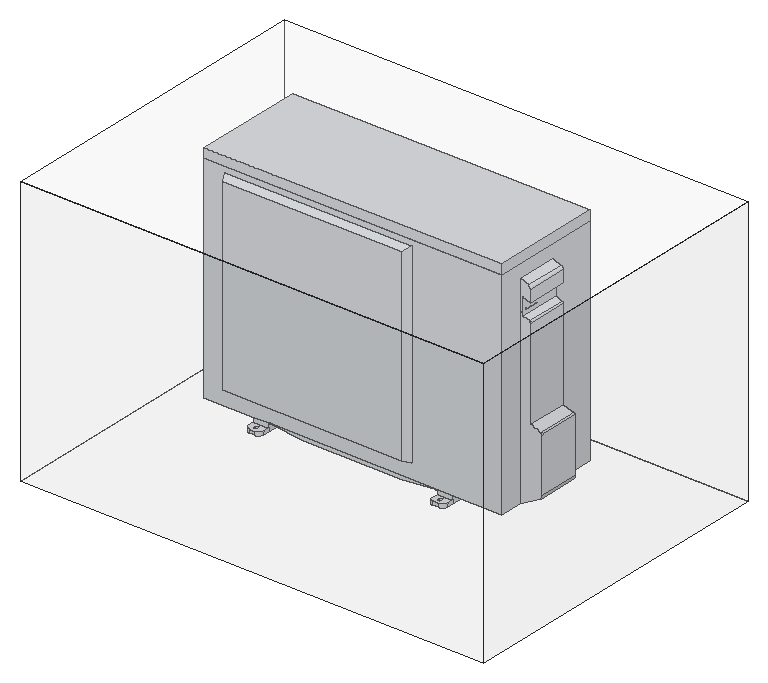
Revit family "puz-ermp40_63ska13_60hz", category 機械設備, Revit 2019
Family settings
  丸型コネクタ寸法 = 直径を使用
  パーツ タイプ = 標準
  OmniClass 番号 = 23.75.10.24.21.27.27
  OmniClass タイトル = Split System Air Conditioning Units
  作業面ベース = いいえ
  常に垂直 = はい
  ロード時にボイドで切り取り = いいえ
  共有 = いいえ
  部屋計算ポイント = いいえ
Parameters (values of type "室外機_PUZ-ERMP40KA13 (-BS,BSG)")
  音響パワーレベル（冷）(dB) = 64
  音響パワーレベル(dB) = 66
  電源種別 = ""
  電源位置Y = 61 mm
  電源位置Z = 497.7 mm
  電源位置X = 400 mm
  電圧 = 200 V
  電動機出力_送風機 = 0.04 kW
  電動機出力_圧縮機 = 0.6 kW
  集中コントローラ [instance] = ""
  運転質量 = 0.00 kg
  運転方法 = "冷暖切替"
  質量 = if(製品質量 > 運転質量, 製品質量, 運転質量) * 1.2  # 49.20 kg
  負荷分類 = 1_熱源類
  説明 = "空冷H/P PAC インバータ室外機"
  設計暖房能力 [instance] = 0 kW
  設計冷房能力_顕熱 [instance] = 0 kW
  設計冷房能力 [instance] = 0 kW
  設置方法 = "床置形"
  記号 [instance] = ""
  製造元 = "三菱電機株式会社"
  製品質量 = 41.00 kg
  製品出荷対象 = "国内"
  製品リリース年月 = ""
  製品グループ = ""
  系統 [instance] = ""
  符号 = "PAC"
  積算_科目 = "1 空気調和設備"
  積算_拾い区分 [instance] = ""
  相 = 3
  盤記号 [instance] = ""
  発停方法 = "付属スイッチ"
  特殊仕様 [instance] = ""
  消費電力_暖房 = 0 kW
  消費電力_冷房 = 0 kW
  消費電力 = if(消費電力_冷房 > 消費電力_暖房, 消費電力_冷房, 消費電力_暖房)  # 0 kW
  法定耐用年数 = "6"
  構成品番 = "PUZ-ERMP40KA13 (-BS,-BSG)"
  極数 = 3
  材質 [instance] = ""
  本体マテリアル = none
  最小電線太さ_mm2 = 1.6
  最大電流値 = 0 A
  暖房能力 = 4 kW
  推奨ブレーカー容量 = 15 A
  据付ピッチ1 = 0 mm
  形式 = "パッケージ形 室外機"
  形名 = PUZ-ZRMP-1 : PUZ-ZRMP-1
  幹線記号 [instance] = ""
  始動方式 = "インバータ始動方式"
  呼称 = "パッケージ形空気調和機_室外機"
  周波数 = 60 Hz
  価格 = 0
  ドレン　位置Z = 8.5 mm
  ドレン　位置Y = 48.5 mm
  ドレン　位置X = 404.5 mm
  アンカーボルト位置Y = 330 mm
  アンカーボルト位置X = 500 mm
  参照している仕様書等のバージョン = "公共建築物標準仕様書（機械設備工事編）平成31年度版"
  分類コード = "50053003126100"
  分類グループ = ""
  冷房能力 = 3.6 kW
  冷媒管（ガス）位置X = 420 mm
  冷媒管（液）位置X = 420 mm
  冷媒管（液）位置Y = 153.75 mm
  冷媒管（ガス）位置Y = 153.75 mm
  冷媒管長 [instance] = 0 mm
  冷媒管径符号 = "Ac"
  冷媒管径 = 60.00 mm
  冷媒管位置Z = 158.95 mm
  冷媒管位置Y = (冷媒管（液）位置Y + 冷媒管（ガス）位置Y) / 2  # 153.75 mm
  冷媒管位置X = (冷媒管（液）位置X + 冷媒管（ガス）位置X) / 2  # 420 mm
  冷媒液管径 = 6.35 mm
  冷媒ガス管径 = 12.70 mm
  企業コード = "108420"
  付属品 [instance] = ""
  仕様書バージョン = "Version1.0"
  ユニット数 = 1
  ユニット3 = yes
  ユニット2 = yes
  Model = ""
  ドレン管径 = 42.00 mm
  サービススペース = yes
  コメント [instance] = ""
  ケーブル種類1 = ""
  【値が 0 の項目は組合せ形名にてご確認ください】 = ""
  Width = 809 mm
  Version = ""
  Uniclass2015Version = "Systems v1.9"
  Uniclass2015Title = "Split coil remote air cooled condensing units"
  Uniclass2015Code = "Pr_70_65_03_84"
  URL = "https://www.mitsubishielectric.co.jp/ldg/wink/ssl/top.do"
  SpecificationReference = ""
  SpecificationDescription = ""
  Revision = ""
  ProductInformation = ""
  OmniClassCode = "23-33 17 13 11"
  IfcTypeProduct = ""
  IfcProduct = ""
  IfcExportType = "AIRCONDITIONINGUNIT"
  IfcExportAs = "IfcUnitaryEquipmentType"
  Height = 630 mm
  Depth = 300 mm
  Clearance Top = 100 mm
  Clearance Right = 350 mm
  Clearance Left = 100 mm
  Clearance Front = 500 mm
  Clearance Bottom = 0 mm
  Clearance Back = 100 mm
  COP = 0
  Author = "三菱電機株式会社"
  APF = 0
Reference planes
  plane 1 "中心(正面/背面)": y = 74
  plane 2: z = 0
  plane 3 "中心(左/右)": x = 830
  plane 4 "右": x = 1234.5
  plane 5 "左": x = 425.5
  plane 6 "背面": y = 224
  plane 7 "正面": y = -76
  plane 8 "上部": z = 630
  plane 9 "Clearanse Top": z = 730
  plane 10 "SS_back": y = 324
  plane 11 "SS_front": y = -576
  plane 12 "SS_left": x = 325.5
  plane 13 "SS_right": x = 1584.5
  plane 14: z = 0
  plane 15: y = -15
  plane 16: x = 1230
  plane 17: z = 497.7
  plane 18: y = -13
  plane 19: y = 70.25
  plane 20: x = 1250
  plane 21: y = 175.5
  plane 22: x = 830
  plane 23: z = 10.5
  plane 24: z = 8.5
  plane 25: x = 580
  plane 26: x = 1080
  plane 27: y = 239
  plane 28: y = -91
Forms (mm)
  Extrusion 1, solid, detail levels fine
    sketch origin (0, -76, 0) x (1, 0, 0) y (0, 0, 1)
      loop
        circle (1230, 497.7) r 13.5
    from -63 to -61
  Extrusion 2, solid, detail levels fine
    sketch origin (-1437.329, -1524, 54) x (-1, 0, 0) y (0, -1, 0)
      loop
        circle (-2267.329, -1699.5) r 21
    from -45.5 to -43.5
  Sweep 3, solid, material <- "本体マテリアル", detail levels fine
    path origin (1250, 1296.25, 1200) x (0, 1, 0) y (0, 0, 1)
      loop
        line (-1226, -1041.05) -> (-1272.623, -1084.565)
    profile origin (1250, 46.939, 137.193) x (0, 0.682318, -0.731055) y (1, 0, 0)
      loop
        circle (0, 0) r 30
Lines and regions (mm)
  model lines, not visible
    curve 1: line (460, 178.667, 1289.179) -> (460, 297.73, 1289.179)
    curve 2: line (460, 178.667, 1056.056) -> (460, 178.667, 1289.179)
    curve 3: line (460, 297.73, 1056.056) -> (460, 178.667, 1056.056)
    curve 4: line (460, 297.73, 1289.179) -> (460, 297.73, 1056.056)
    curve 5: line (460, 47.598, 1289.179) -> (460, 166.661, 1289.179)
    curve 6: line (460, 47.598, 1056.056) -> (460, 47.598, 1289.179)
    curve 7: line (460, 166.661, 1056.056) -> (460, 47.598, 1056.056)
    curve 8: line (460, 166.661, 1289.179) -> (460, 166.661, 1056.056)
    curve 9: line (460, -83.471, 1289.179) -> (460, 35.592, 1289.179)
    curve 10: line (460, -83.471, 1056.056) -> (460, -83.471, 1289.179)
    curve 11: line (460, 35.592, 1056.056) -> (460, -83.471, 1056.056)
    curve 12: line (460, 35.592, 1289.179) -> (460, 35.592, 1056.056)
    curve 13: line (460, -150.779, 1289.179) -> (460, -95.75, 1289.179)
    curve 14: line (460, -150.779, 1056.056) -> (460, -150.779, 1289.179)
    curve 15: line (460, -95.75, 1056.056) -> (460, -150.779, 1056.056)
    curve 16: line (460, -95.75, 1289.179) -> (460, -95.75, 1056.056)
    curve 17: line (460, -150.779, 1283.175) -> (460, -132.596, 1283.175)
    curve 18: line (460, -150.779, 1062.059) -> (460, -150.779, 1283.175)
    curve 19: line (460, -132.596, 1062.059) -> (460, -150.779, 1062.059)
    curve 20: line (460, -132.596, 1283.175) -> (460, -132.596, 1062.059)
    curve 21: line (460, 178.667, 1046.051) -> (460, 297.73, 1046.051)
    curve 22: line (460, 178.667, 812.928) -> (460, 178.667, 1046.051)
    curve 23: line (460, 297.73, 812.928) -> (460, 178.667, 812.928)
    curve 24: line (460, 297.73, 1046.051) -> (460, 297.73, 812.928)
    curve 25: line (460, 47.598, 1046.051) -> (460, 166.661, 1046.051)
    curve 26: line (460, 47.598, 812.928) -> (460, 47.598, 1046.051)
    curve 27: line (460, 166.661, 812.928) -> (460, 47.598, 812.928)
    curve 28: line (460, 166.661, 1046.051) -> (460, 166.661, 812.928)
    curve 29: line (460, -83.471, 1046.051) -> (460, 35.592, 1046.051)
    curve 30: line (460, -83.471, 812.928) -> (460, -83.471, 1046.051)
    curve 31: line (460, 35.592, 812.928) -> (460, -83.471, 812.928)
    curve 32: line (460, 35.592, 1046.051) -> (460, 35.592, 812.928)
    curve 33: line (460, -150.779, 1046.051) -> (460, -95.75, 1046.051)
    curve 34: line (460, -150.779, 812.928) -> (460, -150.779, 1046.051)
    curve 35: line (460, -95.75, 812.928) -> (460, -150.779, 812.928)
    curve 36: line (460, -95.75, 1046.051) -> (460, -95.75, 812.928)
    curve 37: line (460, -150.779, 1040.048) -> (460, -132.596, 1040.048)
    curve 38: line (460, -150.779, 818.931) -> (460, -150.779, 1040.048)
    curve 39: line (460, -132.596, 818.931) -> (460, -150.779, 818.931)
    curve 40: line (460, -132.596, 1040.048) -> (460, -132.596, 818.931)
    curve 41: line (460, 178.667, 802.923) -> (460, 297.73, 802.923)
    curve 42: line (460, 178.667, 569.8) -> (460, 178.667, 802.923)
    curve 43: line (460, 297.73, 569.8) -> (460, 178.667, 569.8)
    curve 44: line (460, 297.73, 802.923) -> (460, 297.73, 569.8)
    curve 45: line (460, 47.598, 802.923) -> (460, 166.661, 802.923)
    curve 46: line (460, 47.598, 569.8) -> (460, 47.598, 802.923)
    curve 47: line (460, 166.661, 569.8) -> (460, 47.598, 569.8)
    curve 48: line (460, 166.661, 802.923) -> (460, 166.661, 569.8)
    curve 49: line (460, -83.471, 802.923) -> (460, 35.592, 802.923)
    curve 50: line (460, -83.471, 569.8) -> (460, -83.471, 802.923)
    curve 51: line (460, 35.592, 569.8) -> (460, -83.471, 569.8)
    curve 52: line (460, 35.592, 802.923) -> (460, 35.592, 569.8)
    curve 53: line (460, -150.779, 802.923) -> (460, -95.75, 802.923)
    curve 54: line (460, -150.779, 569.8) -> (460, -150.779, 802.923)
    curve 55: line (460, -95.75, 569.8) -> (460, -150.779, 569.8)
    curve 56: line (460, -95.75, 802.923) -> (460, -95.75, 569.8)
    curve 57: line (460, -150.779, 796.92) -> (460, -132.596, 796.92)
    curve 58: line (460, -150.779, 575.803) -> (460, -150.779, 796.92)
    curve 59: line (460, -132.596, 575.803) -> (460, -150.779, 575.803)
    curve 60: line (460, -132.596, 796.92) -> (460, -132.596, 575.803)
    curve 61: line (460, 178.667, 559.795) -> (460, 297.73, 559.795)
    curve 62: line (460, 178.667, 326.672) -> (460, 178.667, 559.795)
    curve 63: line (460, 297.73, 326.672) -> (460, 178.667, 326.672)
    curve 64: line (460, 297.73, 559.795) -> (460, 297.73, 326.672)
    curve 65: line (460, 47.598, 559.795) -> (460, 166.661, 559.795)
    curve 66: line (460, 47.598, 326.672) -> (460, 47.598, 559.795)
    curve 67: line (460, 166.661, 326.672) -> (460, 47.598, 326.672)
    curve 68: line (460, 166.661, 559.795) -> (460, 166.661, 326.672)
    curve 69: line (460, -83.471, 559.795) -> (460, 35.592, 559.795)
    curve 70: line (460, -83.471, 326.672) -> (460, -83.471, 559.795)
    curve 71: line (460, 35.592, 326.672) -> (460, -83.471, 326.672)
    curve 72: line (460, 35.592, 559.795) -> (460, 35.592, 326.672)
    curve 73: line (460, -150.779, 559.795) -> (460, -95.75, 559.795)
    curve 74: line (460, -150.779, 326.672) -> (460, -150.779, 559.795)
    curve 75: line (460, -95.75, 326.672) -> (460, -150.779, 326.672)
    curve 76: line (460, -95.75, 559.795) -> (460, -95.75, 326.672)
    curve 77: line (460, -150.779, 553.792) -> (460, -132.596, 553.792)
    curve 78: line (460, -150.779, 332.675) -> (460, -150.779, 553.792)
    curve 79: line (460, -132.596, 332.675) -> (460, -150.779, 332.675)
    curve 80: line (460, -132.596, 553.792) -> (460, -132.596, 332.675)
    curve 81: line (460, 178.667, 316.667) -> (460, 297.73, 316.667)
    curve 82: line (460, 178.667, 83.544) -> (460, 178.667, 316.667)
    curve 83: line (460, 297.73, 83.544) -> (460, 178.667, 83.544)
    curve 84: line (460, 297.73, 316.667) -> (460, 297.73, 83.544)
    curve 85: line (460, 47.598, 316.667) -> (460, 166.661, 316.667)
    curve 86: line (460, 47.598, 83.544) -> (460, 47.598, 316.667)
    curve 87: line (460, 166.661, 83.544) -> (460, 47.598, 83.544)
    curve 88: line (460, 166.661, 316.667) -> (460, 166.661, 83.544)
    curve 89: line (460, -83.471, 316.667) -> (460, 35.592, 316.667)
    curve 90: line (460, -83.471, 83.544) -> (460, -83.471, 316.667)
    curve 91: line (460, 35.592, 83.544) -> (460, -83.471, 83.544)
    curve 92: line (460, 35.592, 316.667) -> (460, 35.592, 83.544)
    curve 93: line (460, -150.779, 316.667) -> (460, -95.75, 316.667)
    curve 94: line (460, -150.779, 83.544) -> (460, -150.779, 316.667)
    curve 95: line (460, -95.75, 83.544) -> (460, -150.779, 83.544)
    curve 96: line (460, -95.75, 316.667) -> (460, -95.75, 83.544)
    curve 97: line (460, -150.779, 310.664) -> (460, -132.596, 310.664)
    curve 98: line (460, -150.779, 89.547) -> (460, -150.779, 310.664)
    curve 99: line (460, -132.596, 89.547) -> (460, -150.779, 89.547)
    curve 100: line (460, -132.596, 310.664) -> (460, -132.596, 89.547)
Dimensions and locks
  equal spacing: plane 7 "正面", plane 1 "中心(正面/背面)", plane 6 "背面"
  "Depth": plane 7 "正面" to plane 6 "背面"
  "Width": plane 5 "左" to plane 4 "右"
  equal spacing: plane 5 "左", plane 3 "中心(左/右)", plane 4 "右"
  "Clearance Left": plane 12 "SS_left" to plane 5 "左"
  "Clearance Right": plane 4 "右" to plane 13 "SS_right"
  "Clearance Back": plane 6 "背面" to plane 10 "SS_back"
  "Clearance Front": plane 11 "SS_front" to plane 7 "正面"
  "Height": plane 8 "上部" to level
  "Clearance Top": plane 9 "Clearanse Top" to plane 8 "上部"
  "Clearance Bottom": level to plane 14
  "電源位置X": plane 3 "中心(左/右)" to plane 16
  "電源位置Y": plane 7 "正面" to plane 15
  "電源位置Z": plane 17 to level
  locked: plane 15 to plane 18 at 2
  "冷媒管位置X": plane 3 "中心(左/右)" to plane 20
  "冷媒管位置Y": plane 19 to plane 6 "背面"
  "ドレン　位置X": plane 5 "左" to plane 22
  "ドレン　位置Y": plane 21 to plane 6 "背面"
  locked: plane 23 to plane 24 at 2
  "ドレン　位置Z": plane 24 to level
  equal spacing: plane 28, plane 1 "中心(正面/背面)", plane 27
  "アンカーボルト位置Y": plane 28 to plane 27
  equal spacing: plane 25, plane 3 "中心(左/右)", plane 26
  "アンカーボルト位置X": plane 25 to plane 26
  radius of Extrusion 1 sketch curve = 13.5 mm
  "ドレン管径": diameter of Extrusion 2 sketch curve
  "冷媒管径": diameter of Sweep 3 sketch curve
  aligned and locked: level to plane 2
  aligned and locked: plane 10 "SS_back" to nested 1  (x2)
  aligned and locked: plane 13 "SS_right" to nested 1
  aligned and locked: plane 12 "SS_left" to nested 1  (x2)
  aligned and locked: nested 1 to plane 13 "SS_right"
  aligned and locked: plane 11 "SS_front" to nested 1
  aligned and locked: plane 9 "Clearanse Top" to nested 1
  aligned and locked: plane 1 "中心(正面/背面)" to nested 2
  aligned and locked: plane 3 "中心(左/右)" to nested 2
  aligned and locked: plane 14 to nested 1
  aligned and locked: plane 17 to Extrusion 1 sketch curve
  aligned and locked: plane 16 to Extrusion 1 sketch curve
  aligned and locked: Extrusion 1 to plane 18
  aligned and locked: plane 15 to Extrusion 1
  aligned and locked: plane 22 to Extrusion 2 sketch curve
  aligned and locked: plane 21 to Extrusion 2 sketch curve
  aligned and locked: plane 23 to Extrusion 2
  aligned and locked: Extrusion 2 to plane 24
  aligned and locked: plane 25 to nested 3
  aligned and locked: plane 27 to nested 3
Automatic sketch dimensions
  Sweep 3 sketch curve to plane 18 = 36.627 mm
  plane 1 "中心(正面/背面)" to Sweep 3 sketch curve = 3.75 mm
  plane 23 to Sweep 3 sketch curve = 104.935 mm
  Sweep 3 sketch curve to Sweep 3 sketch curve = 43.515 mm
  Sweep 3 sketch curve to plane 20 = 0 mm
  Sweep 3 sketch curve to profile plane = 0 mm
Nested families
  nested 1: "サービススペース" at (955, -126, 365), visible <- "サービススペース", type "サービススペース"
    with Width 1259 mm, Height 730 mm, Depth 900 mm
  nested 2: "PUZ-ZRMP-1" at (830, 74, 0), type <- "形名", type "PUZ-ZRMP-1"
  nested 3: "固定点" at (580, -91, 0), type "固定点"
    with 中心円 10 mm, W 500 mm, D 330 mm
Connectors
  electrical at (1230, -15, 497.7), driven by "極数", driven by "負荷分類", driven by "電圧", driven by "消費電力"
    settings: on Extrusion 1, index 2, voltage 200 V, apparent load 0 VA, apparent load phase1 0 VA, apparent load phase2 0 VA, apparent load phase3 0 VA, power factor 1, load classification "1_熱源類", number of poles 3, system type 30, power factor state 1, is connector primary yes, connector utility no, sub classification motor no, connector description ""
  piping at (1250, 70.25, 158.95), diameter 60, driven by "冷媒管径", driven by "冷媒管径符号"
    settings: on Sweep 3, index 3, connector inside diameter 609.60 mm, connector length 0 mm, flow factor 0, pipe flow 0.0 L/s, pressure drop 0.0 Pa, fitting loss kfactor 0, connector angle 0.00°, fixture units 0, engagement length 0 mm, angle of deflection 0.00°, flow configuration 1, flow direction 2, fitting loss method 4, system type 7, joint type 0, gender type 0, connector reference index -1, connector utility 0, adjustable connector no, is connector primary yes, connector description "Ac"
Definition of nested family "サービススペース"
  Parameters (values of type "サービススペース")
    Width [instance] = 500 mm
    Height [instance] = 500 mm
    Depth [instance] = 500 mm
  Reference planes
    plane 1 "中心(正面/背面)": y = 0
    plane 2: z = 0
    plane 3 "中心(左/右)": x = 0
    plane 4: y = -250
    plane 5: x = 250
    plane 6: y = 250
    plane 7: x = -250
    plane 8: z = 250
    plane 9: z = -250
  Forms (mm)
    Extrusion 1, solid
      sketch origin (-638.939, 0, 72.39) x (1, 0, 0) y (0, 1, 0)
        loop
          line (388.939, 250) -> (388.939, -250) -> (888.939, -250) -> (888.939, 250) -> (388.939, 250)
      from -322.39 to 177.61
  Lines and regions (mm)
    symbolic lines
      curve 1: line (-250, 0, 250) -> (250, 0, 250)
      curve 2: line (-250, 0, -250) -> (-250, 0, 250)
      curve 3: line (250, 0, -250) -> (-250, 0, -250)
      curve 4: line (250, 0, 250) -> (250, 0, -250)
      curve 5: line (0, -250, 250) -> (0, 250, 250)
      curve 6: line (0, -250, -250) -> (0, -250, 250)
      curve 7: line (0, 250, -250) -> (0, -250, -250)
      curve 8: line (0, 250, 250) -> (0, 250, -250)
      curve 9: line (-250, 250, 0) -> (250, 250, 0)
      curve 10: line (-250, -250, 0) -> (-250, 250, 0)
      curve 11: line (250, -250, 0) -> (-250, -250, 0)
      curve 12: line (250, 250, 0) -> (250, -250, 0)
  Dimensions and locks
    equal spacing: plane 7, plane 3 "中心(左/右)", plane 5
    equal spacing: plane 4, plane 1 "中心(正面/背面)", plane 6
    "Depth": plane 4 to plane 6
    "Width": plane 7 to plane 5
    equal spacing: plane 8, plane 2, plane 9
    "Height": plane 8 to plane 9
    aligned and locked: plane 9 to curve 3
    aligned and locked: plane 7 to curve 2
    aligned and locked: curve 4 to plane 5
    aligned and locked: plane 5 to Extrusion 1
    aligned and locked: Extrusion 1 to plane 7
    aligned and locked: Extrusion 1 to plane 9
    aligned and locked: plane 8 to Extrusion 1
    aligned and locked: plane 9 to curve 7
  Automatic sketch dimensions
    plane 4 to Extrusion 1 sketch curve = 0 mm
    Extrusion 1 sketch curve to plane 7 = 0 mm
    Extrusion 1 sketch curve to plane 5 = 0 mm
    plane 6 to Extrusion 1 sketch curve = 0 mm
    curve 2 to plane 8 = 0 mm
    plane 4 to curve 11 = 0 mm
    curve 11 to plane 7 = 0 mm
    curve 11 to plane 5 = 0 mm
    plane 6 to curve 10 = 0 mm
    curve 7 to plane 4 = 0 mm
    curve 7 to plane 6 = 0 mm
    curve 6 to plane 8 = 0 mm
Definition of nested family "PUZ-ZRMP-1"
  Parameters (values of type "PUZ-ZRMP-1")
    配線取出口サイズ = 27 mm
    配線取出口-Z = 497.7 mm
    配線取出口-Y = 239 mm
    配線取出口-X = 400 mm
    液配管サイズ = 50 mm
    高さ = 630 mm
    換気-W = 310 mm
    換気-H2 = 632 mm
    換気-H1 = 325 mm
    換気-D = 20 mm
    奥行き = 300 mm
    吊りボルト_H = 0 mm
    吊りボルト-φ = 10 mm
    冷媒配管サイズ = 6.35 mm
    冷媒液管径-Z = 164.5 mm
    冷媒液管径-Y = 185.5 mm
    冷媒液管径-X = 420 mm
    冷媒ガス管径-Z = 99.5 mm
    冷媒ガス管径-Y = 185.5 mm
    冷媒ガス管径-X = 420 mm
    吊りボルト-W = 500 mm
    マテリアル = none
    ドレン配管サイズ = 42 mm
    ドレン管径-Z = 0 mm
    ドレン管径-Y = 251.5 mm
    ドレン管径-X = 404.5 mm
    タイプ3 = no
    タイプ2 = no
    タイプ1 = yes
    ガス配管サイズ = 12.7 mm
    吊りボルト-D = 330 mm
    幅さ = 809 mm
    a = 600 mm
  Reference planes
    plane 1 "中心(正面/背面)": y = 0
    plane 2: z = 0
    plane 3 "中心(左/右)": x = 0
    plane 4: z = 630
    plane 5: x = -404.5
    plane 6: x = 404.5
    plane 7: y = 150
    plane 8: y = -150
    plane 9: x = 466.5
    plane 10: y = -90
    plane 11: y = 20
    plane 12: z = 605
    plane 13: x = -424.5
    plane 14: x = -250
    plane 15: x = 250
    plane 16: y = 165
    plane 17: y = -165
    plane 18: x = 270
    plane 19: x = 230
    plane 20: x = -230
    plane 21: x = -270
    plane 22: y = 180
    plane 23: y = -180
    plane 24: z = 8.5
    plane 25: z = 20
    plane 26: z = 11.5
    plane 27: x = -135
    plane 28: x = 135
    plane 29: z = 625
    plane 30: y = -40
    plane 31: y = 40
    plane 32: y = -30
    plane 33: y = 30
    plane 34: z = 610
    plane 35: z = 55
    plane 36: z = 225
    plane 37: z = 570
    plane 38: x = 414.5
    plane 39: x = 435.5
    plane 40: y = -170
    plane 41: x = -94.5
    plane 42: z = 325
    plane 43: x = 159.5
    plane 44: x = -348.5
    plane 45: z = 589
    plane 46: z = 61
    plane 47: x = -338.5
    plane 48: x = 149.5
    plane 49: z = 579
    plane 50: z = 71
    plane 51: y = 100
    plane 52: y = -100
    plane 53: x = 0
    plane 54: y = 101.5
    plane 55: x = 420
    plane 56: x = 400
    plane 57: y = -89
    plane 58: y = -35.5
    plane 59: y = -35.5
    plane 60: x = 420
    plane 61: z = 99.5
    plane 62: z = 164.5
    plane 63: z = 497.7
    plane 64: y = -39
    plane 65: z = 137.3
    plane 66: z = 180.6
    plane 67: x = 420
    plane 68: y = -35.5
    plane 69 "グループ": x = -600
    plane 70: z = 1338
    plane 71: z = 943
    plane 72: z = 957
    plane 73: z = 1221
    plane 74: z = 693
    plane 75: z = 1211
    plane 76: z = 703
    plane 77: y = -12.5
    plane 78: y = 5
    plane 79: y = -3.75
  Forms (mm)
    Extrusion 1, solid, visible <- "タイプ1", detail levels fine
      sketch origin (-1437.329, -1524, 630) x (-1, 0, 0) y (0, -1, 0)
        loop
          line (-1167.329, -1674) -> (-1167.329, -1374) -> (-1207.329, -1374) -> (-1207.329, -1674) -> (-1167.329, -1674)
        loop
          line (-1667.329, -1674) -> (-1667.329, -1374) -> (-1707.329, -1374) -> (-1707.329, -1674) -> (-1667.329, -1674)
      from -630 to -610
    Extrusion 2, solid, material <- "マテリアル", visible <- "タイプ1", detail levels fine
      sketch origin (0, 0, 0) x (1, 0, 0) y (0, 0, 1)
        loop
          line (-230, 20) -> (-135, 11.5) -> (135, 11.5) -> (230, 20) -> (-230, 20)
      from -150 to 150
    Extrusion 3, solid, material <- "マテリアル", visible <- "タイプ1", detail levels fine
      sketch origin (-1437.329, -1524, 630) x (-1, 0, 0) y (0, -1, 0)
        loop
          circle (-1437.329, -1625.5) r 21
      from -621.5 to -618.5
    Extrusion 4, solid, material <- "マテリアル", visible <- "タイプ1", detail levels fine
      sketch origin (-1437.329, -1524, 630) x (-1, 0, 0) y (0, -1, 0)
        loop
          line (-1841.829, -1674) -> (-1032.829, -1674) -> (-1032.829, -1374) -> (-1841.829, -1374) -> (-1841.829, -1674)
      from -610 to -25
    Extrusion 5, solid, material <- "マテリアル", visible <- "タイプ1", detail levels fine
      sketch origin (-1437.329, -1524, 630) x (-1, 0, 0) y (0, -1, 0)
        loop
          line (-1032.829, -1674) -> (-1032.829, -1374) -> (-1841.829, -1374) -> (-1841.829, -1674) -> (-1032.829, -1674)
      from -25 to 0
    Blend 6, solid, material <- "マテリアル", visible <- "タイプ1", detail levels fine
      base sketch origin (0, 0, 0) x (0, 1, 0) y (0, 0, 1)
        loop
          line (40, 625) -> (-40, 625) -> (-40, 605) -> (40, 605) -> (40, 625)
      top sketch origin (0, 0, 0) x (0, 1, 0) y (0, 0, 1)
        loop
          line (30, 610) -> (-30, 610) -> (-30, 605) -> (30, 605) -> (30, 610)
      from -404.5 to -424.5
    Extrusion 7, solid, material <- "マテリアル", visible <- "タイプ1", detail levels fine
      sketch origin (0, 0, 0) x (1, 0, 0) y (0, 0, 1)
        loop
          line (404.5, 570) -> (404.5, 20) -> (461.416, 52.13)
          arc (461.416, 52.13) -> (465.136, 55.796) -> (466.5, 60.838) r 10
          line (466.5, 60.838) -> (466.5, 210.216)
          arc (466.5, 210.216) -> (465.596, 213.084) -> (463.21, 214.914) r 5
          line (463.21, 214.914) -> (435.5, 225) -> (435.5, 470.082)
          arc (435.5, 470.082) -> (434.596, 472.95) -> (432.21, 474.78) r 5
          line (432.21, 474.78) -> (414.5, 481.226) -> (414.5, 529.114) -> (435.5, 521.471) -> (435.5, 551.715)
          arc (435.5, 551.715) -> (433.692, 557.451) -> (428.92, 561.112) r 10
          line (428.92, 561.112) -> (404.5, 570)
      from -20 to 90
    Blend 8, solid, material <- "マテリアル", visible <- "タイプ1", detail levels fine
      base sketch origin (0, 0, 0) x (1, 0, 0) y (0, 0, 1)
        loop
          line (-348.5, 589) -> (-348.5, 61) -> (159.5, 61) -> (159.5, 589) -> (-348.5, 589)
      top sketch origin (0, 0, 0) x (1, 0, 0) y (0, 0, 1)
        loop
          line (-338.5, 579) -> (-338.5, 71) -> (149.5, 71) -> (149.5, 579) -> (-338.5, 579)
      from 150 to 170
    Extrusion 9, solid, material <- "マテリアル", visible <- "タイプ1", detail levels fine
      sketch origin (1480.036, -170, 1200) x (1, 0, 0) y (0, 0, 1)
        loop
          circle (-1080.036, -702.3) r 13.5
      from -131 to -81
    Extrusion 10, solid, visible <- "タイプ1", detail levels fine
      sketch origin (-1437.329, -1524, 630) x (-1, 0, 0) y (0, -1, 0)
        loop
          line (-1167.329, -1704) -> (-1167.329, -1674) -> (-1207.329, -1674) -> (-1207.329, -1704) -> (-1192.329, -1704) -> (-1192.329, -1689)
          arc (-1192.329, -1689) -> (-1187.329, -1684) -> (-1182.329, -1689) r 5
          line (-1182.329, -1689) -> (-1182.329, -1704) -> (-1167.329, -1704)
        loop
          line (-1667.329, -1704) -> (-1667.329, -1674) -> (-1707.329, -1674) -> (-1707.329, -1704) -> (-1692.329, -1704) -> (-1692.329, -1689)
          arc (-1692.329, -1689) -> (-1687.329, -1684) -> (-1682.329, -1689) r 5
          line (-1682.329, -1689) -> (-1682.329, -1704) -> (-1667.329, -1704)
        loop
          line (-1667.329, -1374) -> (-1667.329, -1354)
          arc (-1667.329, -1354) -> (-1670.258, -1346.929) -> (-1677.329, -1344) r 10
          line (-1677.329, -1344) -> (-1694.129, -1344)
          arc (-1694.129, -1344) -> (-1703.463, -1347.866) -> (-1707.329, -1357.2) r 13.2
          line (-1707.329, -1357.2) -> (-1707.329, -1374) -> (-1667.329, -1374)
        loop
          line (-1167.329, -1374) -> (-1167.329, -1357.2)
          arc (-1167.329, -1357.2) -> (-1171.196, -1347.866) -> (-1180.529, -1344) r 13.2
          line (-1180.529, -1344) -> (-1194.129, -1344)
          arc (-1194.129, -1344) -> (-1203.463, -1347.866) -> (-1207.329, -1357.2) r 13.2
          line (-1207.329, -1357.2) -> (-1207.329, -1374) -> (-1167.329, -1374)
        loop
          arc (-1192.329, -1359) -> (-1187.329, -1364) -> (-1182.329, -1359) r 5
          line (-1182.329, -1359) -> (-1182.329, -1357.2)
          arc (-1182.329, -1357.2) -> (-1187.329, -1352.2) -> (-1192.329, -1357.2) r 5
          line (-1192.329, -1357.2) -> (-1192.329, -1359)
        loop
          arc (-1692.329, -1359) -> (-1687.329, -1364) -> (-1682.329, -1359) r 5
          line (-1682.329, -1359) -> (-1682.329, -1357.2)
          arc (-1682.329, -1357.2) -> (-1687.329, -1352.2) -> (-1692.329, -1357.2) r 5
          line (-1692.329, -1357.2) -> (-1692.329, -1359)
      from -621.5 to -630
    Sweep 11, solid, material <- "マテリアル", visible <- "タイプ1", detail levels fine
      path origin (420, 1296.25, 1200) x (0, 1, 0) y (0, 0, 1)
        loop
          line (-1331.75, -1035.5) -> (-1308.75, -1019.4)
      profile origin (420, -24, 172.55) x (0, -0.573462, 0.819232) y (1, 0, 0)
        loop
          circle (0, 0) r 3.175
    Sweep 12, solid, material <- "マテリアル", visible <- "タイプ1", detail levels fine
      path origin (420, 1296.25, 1200) x (0, 1, 0) y (0, 0, 1)
        loop
          line (-1331.75, -1100.5) -> (-1291.25, -1062.7)
      profile origin (420, -15.25, 118.4) x (0, -0.682318, 0.731055) y (1, 0, 0)
        loop
          circle (0, 0) r 6.35
  Lines and regions (mm)
    Masking region 1, visible <- "タイプ1", detail levels coarse+medium
      outline origin (-1437.329, -1524, 630) x (-1, 0, 0) y (0, -1, 0)
        loop
          line (-1841.829, -1674) -> (-1707.329, -1674) -> (-1707.329, -1704) -> (-1667.329, -1704) -> (-1667.329, -1674) -> (-1207.329, -1674) -> (-1207.329, -1704) -> (-1167.329, -1704) -> (-1167.329, -1674) -> (-1032.829, -1674) -> (-1032.829, -1564) -> (-1012.829, -1554) -> (-1012.829, -1494) -> (-1032.829, -1484) -> (-1032.829, -1374) -> (-1088.829, -1374) -> (-1098.829, -1354) -> (-1164.523, -1354)
          arc (-1164.523, -1354) -> (-1169.205, -1346.796) -> (-1177.329, -1344) r 13.2
          line (-1177.329, -1344) -> (-1193.997, -1344)
          arc (-1193.997, -1344) -> (-1202.121, -1346.796) -> (-1206.804, -1354) r 13.2
          line (-1206.804, -1354) -> (-1586.829, -1354) -> (-1596.829, -1374) -> (-1667.329, -1374) -> (-1667.329, -1354)
          arc (-1667.329, -1354) -> (-1670.258, -1346.929) -> (-1677.329, -1344) r 10
          line (-1677.329, -1344) -> (-1694.129, -1344)
          arc (-1694.129, -1344) -> (-1703.463, -1347.866) -> (-1707.329, -1357.2) r 13.2
          line (-1707.329, -1357.2) -> (-1707.329, -1374) -> (-1841.829, -1374) -> (-1841.829, -1434) -> (-1903.829, -1434) -> (-1903.829, -1544) -> (-1841.829, -1544) -> (-1841.829, -1674)
    model lines, visible <- "タイプ1", detail levels fine
      curve 1: line (324.5, 100, 630) -> (-324.5, 100, 630)
      curve 2: line (-324.5, -100, 630) -> (324.5, -100, 630)
      curve 3: line (-324.5, -40, 630) -> (324.5, -40, 630)
      curve 4: line (324.5, 40, 630) -> (-324.5, 40, 630)
      curve 5: line (-324.5, -30, 630) -> (324.5, -30, 630)
      curve 6: line (324.5, 30, 630) -> (-324.5, 30, 630)
      curve 7: line (-324.5, 100, 630) -> (-324.5, 40, 630)
      curve 8: line (324.5, -100, 630) -> (324.5, -40, 630)
      curve 9: line (-324.5, 30, 630) -> (-324.5, -30, 630)
      curve 10: line (-324.5, -40, 630) -> (-324.5, -100, 630)
      curve 11: line (324.5, -30, 630) -> (324.5, 30, 630)
      curve 12: line (324.5, 40, 630) -> (324.5, 100, 630)
      curve 13: line (354.5, -100, 630) -> (354.5, 100, 630)
      curve 14: line (339.5, -100, 630) -> (339.5, 100, 630)
      curve 15: line (-354.5, 100, 630) -> (-354.5, -100, 630)
      curve 16: line (-339.5, 100, 630) -> (-339.5, -100, 630)
      curve 17: line (-339.5, 100, 630) -> (-354.5, 100, 630)
      curve 18: line (-339.5, -100, 630) -> (-354.5, -100, 630)
      curve 19: line (339.5, 100, 630) -> (354.5, 100, 630)
      curve 20: line (339.5, -100, 630) -> (354.5, -100, 630)
      curve 21: line (-338.5, -170, 372.5) -> (149.5, -170, 372.5)
      curve 22: line (149.5, -170, 277.5) -> (-338.5, -170, 277.5)
      curve 23: line (-338.5, -170, 467.5) -> (149.5, -170, 467.5)
      curve 24: line (-338.5, -170, 562.5) -> (149.5, -170, 562.5)
      curve 25: line (149.5, -170, 182.5) -> (-338.5, -170, 182.5)
      curve 26: line (149.5, -170, 87.5) -> (-338.5, -170, 87.5)
      curve 27: line (-321.071, -170, 579) -> (-321.071, -170, 71)
      curve 28: line (132.071, -170, 71) -> (132.071, -170, 579)
      curve 29: line (-303.643, -170, 579) -> (-303.643, -170, 71)
      curve 30: line (-286.214, -170, 579) -> (-286.214, -170, 71)
      curve 31: line (-268.786, -170, 579) -> (-268.786, -170, 71)
      curve 32: line (-251.357, -170, 579) -> (-251.357, -170, 71)
      curve 33: line (-233.929, -170, 579) -> (-233.929, -170, 71)
      curve 34: line (-216.5, -170, 579) -> (-216.5, -170, 71)
      curve 35: line (-199.071, -170, 579) -> (-199.071, -170, 71)
      curve 36: line (-181.643, -170, 579) -> (-181.643, -170, 71)
      curve 37: line (-164.214, -170, 579) -> (-164.214, -170, 71)
      curve 38: line (-146.786, -170, 579) -> (-146.786, -170, 71)
      curve 39: line (-129.357, -170, 579) -> (-129.357, -170, 71)
      curve 40: line (-111.929, -170, 579) -> (-111.929, -170, 71)
      curve 41: line (-94.5, -170, 579) -> (-94.5, -170, 71)
      curve 42: line (-77.071, -170, 579) -> (-77.071, -170, 71)
      curve 43: line (-59.643, -170, 579) -> (-59.643, -170, 71)
      curve 44: line (-42.214, -170, 579) -> (-42.214, -170, 71)
      curve 45: line (-24.786, -170, 579) -> (-24.786, -170, 71)
      curve 46: line (-7.357, -170, 579) -> (-7.357, -170, 71)
      curve 47: line (10.071, -170, 579) -> (10.071, -170, 71)
      curve 48: line (27.5, -170, 579) -> (27.5, -170, 71)
      curve 49: line (44.929, -170, 579) -> (44.929, -170, 71)
      curve 50: line (62.357, -170, 579) -> (62.357, -170, 71)
      curve 51: line (79.786, -170, 579) -> (79.786, -170, 71)
      curve 52: line (97.214, -170, 579) -> (97.214, -170, 71)
      curve 53: line (114.643, -170, 579) -> (114.643, -170, 71)
      curve 54: line (-404.5, -10, 574) -> (-404.5, -10, 584)
      curve 55: line (-404.5, -100, 584) -> (-404.5, -100, 574)
      curve 56: line (-404.5, 100, 584) -> (-404.5, 100, 574)
      curve 57: line (-404.5, 10, 584) -> (-404.5, 10, 574)
      curve 58: line (-404.5, 95, 589) -> (-404.5, 15, 589)
      curve 59: line (-404.5, -15, 589) -> (-404.5, -95, 589)
      curve 60: line (-404.5, -15, 569) -> (-404.5, -95, 569)
      curve 61: line (-404.5, 95, 569) -> (-404.5, 15, 569)
      curve 62: arc (-404.5, 100, 584) -> (-404.5, 98.536, 587.536) -> (-404.5, 95, 589) r 5
      curve 63: arc (-404.5, 95, 569) -> (-404.5, 98.536, 570.464) -> (-404.5, 100, 574) r 5
      curve 64: arc (-404.5, 10, 584) -> (-404.5, 11.464, 587.536) -> (-404.5, 15, 589) r 5
      curve 65: arc (-404.5, 10, 574) -> (-404.5, 11.464, 570.464) -> (-404.5, 15, 569) r 5
      curve 66: arc (-404.5, -10, 584) -> (-404.5, -11.464, 587.536) -> (-404.5, -15, 589) r 5
      curve 67: arc (-404.5, -15, 569) -> (-404.5, -11.464, 570.464) -> (-404.5, -10, 574) r 5
      curve 68: arc (-404.5, -95, 589) -> (-404.5, -98.536, 587.536) -> (-404.5, -100, 584) r 5
      curve 69: arc (-404.5, -100, 574) -> (-404.5, -98.536, 570.464) -> (-404.5, -95, 569) r 5
      curve 70: line (-404.5, -10, 544) -> (-404.5, -10, 554)
      curve 71: line (-404.5, -100, 554) -> (-404.5, -100, 544)
      curve 72: line (-404.5, 100, 554) -> (-404.5, 100, 544)
      curve 73: line (-404.5, 10, 554) -> (-404.5, 10, 544)
      curve 74: line (-404.5, 95, 559) -> (-404.5, 15, 559)
      curve 75: line (-404.5, -15, 559) -> (-404.5, -95, 559)
      curve 76: line (-404.5, -15, 539) -> (-404.5, -95, 539)
      curve 77: line (-404.5, 95, 539) -> (-404.5, 15, 539)
      curve 78: arc (-404.5, 100, 554) -> (-404.5, 98.536, 557.536) -> (-404.5, 95, 559) r 5
      curve 79: arc (-404.5, 95, 539) -> (-404.5, 98.536, 540.464) -> (-404.5, 100, 544) r 5
      curve 80: arc (-404.5, 10, 554) -> (-404.5, 11.464, 557.536) -> (-404.5, 15, 559) r 5
      curve 81: arc (-404.5, 10, 544) -> (-404.5, 11.464, 540.464) -> (-404.5, 15, 539) r 5
      curve 82: arc (-404.5, -10, 554) -> (-404.5, -11.464, 557.536) -> (-404.5, -15, 559) r 5
      curve 83: arc (-404.5, -15, 539) -> (-404.5, -11.464, 540.464) -> (-404.5, -10, 544) r 5
      curve 84: arc (-404.5, -95, 559) -> (-404.5, -98.536, 557.536) -> (-404.5, -100, 554) r 5
      curve 85: arc (-404.5, -100, 544) -> (-404.5, -98.536, 540.464) -> (-404.5, -95, 539) r 5
      curve 86: line (-404.5, -10, 514) -> (-404.5, -10, 524)
      curve 87: line (-404.5, -100, 524) -> (-404.5, -100, 514)
      curve 88: line (-404.5, 100, 524) -> (-404.5, 100, 514)
      curve 89: line (-404.5, 10, 524) -> (-404.5, 10, 514)
      curve 90: line (-404.5, 95, 529) -> (-404.5, 15, 529)
      curve 91: line (-404.5, -15, 529) -> (-404.5, -95, 529)
      curve 92: line (-404.5, -15, 509) -> (-404.5, -95, 509)
      curve 93: line (-404.5, 95, 509) -> (-404.5, 15, 509)
      curve 94: arc (-404.5, 100, 524) -> (-404.5, 98.536, 527.536) -> (-404.5, 95, 529) r 5
      curve 95: arc (-404.5, 95, 509) -> (-404.5, 98.536, 510.464) -> (-404.5, 100, 514) r 5
      curve 96: arc (-404.5, 10, 524) -> (-404.5, 11.464, 527.536) -> (-404.5, 15, 529) r 5
      curve 97: arc (-404.5, 10, 514) -> (-404.5, 11.464, 510.464) -> (-404.5, 15, 509) r 5
      curve 98: arc (-404.5, -10, 524) -> (-404.5, -11.464, 527.536) -> (-404.5, -15, 529) r 5
      curve 99: arc (-404.5, -15, 509) -> (-404.5, -11.464, 510.464) -> (-404.5, -10, 514) r 5
      curve 100: arc (-404.5, -95, 529) -> (-404.5, -98.536, 527.536) -> (-404.5, -100, 524) r 5
      curve 101: arc (-404.5, -100, 514) -> (-404.5, -98.536, 510.464) -> (-404.5, -95, 509) r 5
      curve 102: line (-404.5, -10, 484) -> (-404.5, -10, 494)
      curve 103: line (-404.5, -100, 494) -> (-404.5, -100, 484)
      curve 104: line (-404.5, 100, 494) -> (-404.5, 100, 484)
      curve 105: line (-404.5, 10, 494) -> (-404.5, 10, 484)
      curve 106: line (-404.5, 95, 499) -> (-404.5, 15, 499)
      curve 107: line (-404.5, -15, 499) -> (-404.5, -95, 499)
      curve 108: line (-404.5, -15, 479) -> (-404.5, -95, 479)
      curve 109: line (-404.5, 95, 479) -> (-404.5, 15, 479)
      curve 110: arc (-404.5, 100, 494) -> (-404.5, 98.536, 497.536) -> (-404.5, 95, 499) r 5
      curve 111: arc (-404.5, 95, 479) -> (-404.5, 98.536, 480.464) -> (-404.5, 100, 484) r 5
      curve 112: arc (-404.5, 10, 494) -> (-404.5, 11.464, 497.536) -> (-404.5, 15, 499) r 5
      curve 113: arc (-404.5, 10, 484) -> (-404.5, 11.464, 480.464) -> (-404.5, 15, 479) r 5
      curve 114: arc (-404.5, -10, 494) -> (-404.5, -11.464, 497.536) -> (-404.5, -15, 499) r 5
      curve 115: arc (-404.5, -15, 479) -> (-404.5, -11.464, 480.464) -> (-404.5, -10, 484) r 5
      curve 116: arc (-404.5, -95, 499) -> (-404.5, -98.536, 497.536) -> (-404.5, -100, 494) r 5
      curve 117: arc (-404.5, -100, 484) -> (-404.5, -98.536, 480.464) -> (-404.5, -95, 479) r 5
      curve 118: line (-404.5, -10, 454) -> (-404.5, -10, 464)
      curve 119: line (-404.5, -100, 464) -> (-404.5, -100, 454)
      curve 120: line (-404.5, 100, 464) -> (-404.5, 100, 454)
      curve 121: line (-404.5, 10, 464) -> (-404.5, 10, 454)
      curve 122: line (-404.5, 95, 469) -> (-404.5, 15, 469)
      curve 123: line (-404.5, -15, 469) -> (-404.5, -95, 469)
      curve 124: line (-404.5, -15, 449) -> (-404.5, -95, 449)
      curve 125: line (-404.5, 95, 449) -> (-404.5, 15, 449)
      curve 126: arc (-404.5, 100, 464) -> (-404.5, 98.536, 467.536) -> (-404.5, 95, 469) r 5
      curve 127: arc (-404.5, 95, 449) -> (-404.5, 98.536, 450.464) -> (-404.5, 100, 454) r 5
      curve 128: arc (-404.5, 10, 464) -> (-404.5, 11.464, 467.536) -> (-404.5, 15, 469) r 5
      curve 129: arc (-404.5, 10, 454) -> (-404.5, 11.464, 450.464) -> (-404.5, 15, 449) r 5
      curve 130: arc (-404.5, -10, 464) -> (-404.5, -11.464, 467.536) -> (-404.5, -15, 469) r 5
      curve 131: arc (-404.5, -15, 449) -> (-404.5, -11.464, 450.464) -> (-404.5, -10, 454) r 5
      curve 132: arc (-404.5, -95, 469) -> (-404.5, -98.536, 467.536) -> (-404.5, -100, 464) r 5
      curve 133: arc (-404.5, -100, 454) -> (-404.5, -98.536, 450.464) -> (-404.5, -95, 449) r 5
      curve 134: line (-404.5, -10, 424) -> (-404.5, -10, 434)
      curve 135: line (-404.5, -100, 434) -> (-404.5, -100, 424)
      curve 136: line (-404.5, 100, 434) -> (-404.5, 100, 424)
      curve 137: line (-404.5, 10, 434) -> (-404.5, 10, 424)
      curve 138: line (-404.5, 95, 439) -> (-404.5, 15, 439)
      curve 139: line (-404.5, -15, 439) -> (-404.5, -95, 439)
      curve 140: line (-404.5, -15, 419) -> (-404.5, -95, 419)
      curve 141: line (-404.5, 95, 419) -> (-404.5, 15, 419)
      curve 142: arc (-404.5, 100, 434) -> (-404.5, 98.536, 437.536) -> (-404.5, 95, 439) r 5
      curve 143: arc (-404.5, 95, 419) -> (-404.5, 98.536, 420.464) -> (-404.5, 100, 424) r 5
      curve 144: arc (-404.5, 10, 434) -> (-404.5, 11.464, 437.536) -> (-404.5, 15, 439) r 5
      curve 145: arc (-404.5, 10, 424) -> (-404.5, 11.464, 420.464) -> (-404.5, 15, 419) r 5
      curve 146: arc (-404.5, -10, 434) -> (-404.5, -11.464, 437.536) -> (-404.5, -15, 439) r 5
      curve 147: arc (-404.5, -15, 419) -> (-404.5, -11.464, 420.464) -> (-404.5, -10, 424) r 5
      curve 148: arc (-404.5, -95, 439) -> (-404.5, -98.536, 437.536) -> (-404.5, -100, 434) r 5
      curve 149: arc (-404.5, -100, 424) -> (-404.5, -98.536, 420.464) -> (-404.5, -95, 419) r 5
      curve 150: line (-404.5, -10, 394) -> (-404.5, -10, 404)
      curve 151: line (-404.5, -100, 404) -> (-404.5, -100, 394)
      curve 152: line (-404.5, 100, 404) -> (-404.5, 100, 394)
      curve 153: line (-404.5, 10, 404) -> (-404.5, 10, 394)
      curve 154: line (-404.5, 95, 409) -> (-404.5, 15, 409)
      curve 155: line (-404.5, -15, 409) -> (-404.5, -95, 409)
      curve 156: line (-404.5, -15, 389) -> (-404.5, -95, 389)
      curve 157: line (-404.5, 95, 389) -> (-404.5, 15, 389)
      curve 158: arc (-404.5, 100, 404) -> (-404.5, 98.536, 407.536) -> (-404.5, 95, 409) r 5
      curve 159: arc (-404.5, 95, 389) -> (-404.5, 98.536, 390.464) -> (-404.5, 100, 394) r 5
      curve 160: arc (-404.5, 10, 404) -> (-404.5, 11.464, 407.536) -> (-404.5, 15, 409) r 5
      curve 161: arc (-404.5, 10, 394) -> (-404.5, 11.464, 390.464) -> (-404.5, 15, 389) r 5
      curve 162: arc (-404.5, -10, 404) -> (-404.5, -11.464, 407.536) -> (-404.5, -15, 409) r 5
      curve 163: arc (-404.5, -15, 389) -> (-404.5, -11.464, 390.464) -> (-404.5, -10, 394) r 5
      curve 164: arc (-404.5, -95, 409) -> (-404.5, -98.536, 407.536) -> (-404.5, -100, 404) r 5
      curve 165: arc (-404.5, -100, 394) -> (-404.5, -98.536, 390.464) -> (-404.5, -95, 389) r 5
      curve 166: line (-404.5, -10, 364) -> (-404.5, -10, 374)
      curve 167: line (-404.5, -100, 374) -> (-404.5, -100, 364)
      curve 168: line (-404.5, 100, 374) -> (-404.5, 100, 364)
      curve 169: line (-404.5, 10, 374) -> (-404.5, 10, 364)
      curve 170: line (-404.5, 95, 379) -> (-404.5, 15, 379)
      curve 171: line (-404.5, -15, 379) -> (-404.5, -95, 379)
      curve 172: line (-404.5, -15, 359) -> (-404.5, -95, 359)
      curve 173: line (-404.5, 95, 359) -> (-404.5, 15, 359)
      curve 174: arc (-404.5, 100, 374) -> (-404.5, 98.536, 377.536) -> (-404.5, 95, 379) r 5
      curve 175: arc (-404.5, 95, 359) -> (-404.5, 98.536, 360.464) -> (-404.5, 100, 364) r 5
      curve 176: arc (-404.5, 10, 374) -> (-404.5, 11.464, 377.536) -> (-404.5, 15, 379) r 5
      curve 177: arc (-404.5, 10, 364) -> (-404.5, 11.464, 360.464) -> (-404.5, 15, 359) r 5
      curve 178: arc (-404.5, -10, 374) -> (-404.5, -11.464, 377.536) -> (-404.5, -15, 379) r 5
      curve 179: arc (-404.5, -15, 359) -> (-404.5, -11.464, 360.464) -> (-404.5, -10, 364) r 5
      curve 180: arc (-404.5, -95, 379) -> (-404.5, -98.536, 377.536) -> (-404.5, -100, 374) r 5
      curve 181: arc (-404.5, -100, 364) -> (-404.5, -98.536, 360.464) -> (-404.5, -95, 359) r 5
      curve 182: line (-404.5, -10, 334) -> (-404.5, -10, 344)
      curve 183: line (-404.5, -100, 344) -> (-404.5, -100, 334)
      curve 184: line (-404.5, 100, 344) -> (-404.5, 100, 334)
      curve 185: line (-404.5, 10, 344) -> (-404.5, 10, 334)
      curve 186: line (-404.5, 95, 349) -> (-404.5, 15, 349)
      curve 187: line (-404.5, -15, 349) -> (-404.5, -95, 349)
      curve 188: line (-404.5, -15, 329) -> (-404.5, -95, 329)
      curve 189: line (-404.5, 95, 329) -> (-404.5, 15, 329)
      curve 190: arc (-404.5, 100, 344) -> (-404.5, 98.536, 347.536) -> (-404.5, 95, 349) r 5
      curve 191: arc (-404.5, 95, 329) -> (-404.5, 98.536, 330.464) -> (-404.5, 100, 334) r 5
      curve 192: arc (-404.5, 10, 344) -> (-404.5, 11.464, 347.536) -> (-404.5, 15, 349) r 5
      curve 193: arc (-404.5, 10, 334) -> (-404.5, 11.464, 330.464) -> (-404.5, 15, 329) r 5
      curve 194: arc (-404.5, -10, 344) -> (-404.5, -11.464, 347.536) -> (-404.5, -15, 349) r 5
      curve 195: arc (-404.5, -15, 329) -> (-404.5, -11.464, 330.464) -> (-404.5, -10, 334) r 5
      curve 196: arc (-404.5, -95, 349) -> (-404.5, -98.536, 347.536) -> (-404.5, -100, 344) r 5
      curve 197: arc (-404.5, -100, 334) -> (-404.5, -98.536, 330.464) -> (-404.5, -95, 329) r 5
      curve 198: line (-404.5, -10, 304) -> (-404.5, -10, 314)
      curve 199: line (-404.5, -100, 314) -> (-404.5, -100, 304)
      curve 200: line (-404.5, 100, 314) -> (-404.5, 100, 304)
      curve 201: line (-404.5, 10, 314) -> (-404.5, 10, 304)
      curve 202: line (-404.5, 95, 319) -> (-404.5, 15, 319)
      curve 203: line (-404.5, -15, 319) -> (-404.5, -95, 319)
      curve 204: line (-404.5, -15, 299) -> (-404.5, -95, 299)
      curve 205: line (-404.5, 95, 299) -> (-404.5, 15, 299)
      curve 206: arc (-404.5, 100, 314) -> (-404.5, 98.536, 317.536) -> (-404.5, 95, 319) r 5
      curve 207: arc (-404.5, 95, 299) -> (-404.5, 98.536, 300.464) -> (-404.5, 100, 304) r 5
      curve 208: arc (-404.5, 10, 314) -> (-404.5, 11.464, 317.536) -> (-404.5, 15, 319) r 5
      curve 209: arc (-404.5, 10, 304) -> (-404.5, 11.464, 300.464) -> (-404.5, 15, 299) r 5
      curve 210: arc (-404.5, -10, 314) -> (-404.5, -11.464, 317.536) -> (-404.5, -15, 319) r 5
      curve 211: arc (-404.5, -15, 299) -> (-404.5, -11.464, 300.464) -> (-404.5, -10, 304) r 5
      curve 212: arc (-404.5, -95, 319) -> (-404.5, -98.536, 317.536) -> (-404.5, -100, 314) r 5
      curve 213: arc (-404.5, -100, 304) -> (-404.5, -98.536, 300.464) -> (-404.5, -95, 299) r 5
      curve 214: line (-404.5, -10, 274) -> (-404.5, -10, 284)
      curve 215: line (-404.5, -100, 284) -> (-404.5, -100, 274)
      curve 216: line (-404.5, 100, 284) -> (-404.5, 100, 274)
      curve 217: line (-404.5, 10, 284) -> (-404.5, 10, 274)
      curve 218: line (-404.5, 95, 289) -> (-404.5, 15, 289)
      curve 219: line (-404.5, -15, 289) -> (-404.5, -95, 289)
      curve 220: line (-404.5, -15, 269) -> (-404.5, -95, 269)
      curve 221: line (-404.5, 95, 269) -> (-404.5, 15, 269)
      curve 222: arc (-404.5, 100, 284) -> (-404.5, 98.536, 287.536) -> (-404.5, 95, 289) r 5
      curve 223: arc (-404.5, 95, 269) -> (-404.5, 98.536, 270.464) -> (-404.5, 100, 274) r 5
      curve 224: arc (-404.5, 10, 284) -> (-404.5, 11.464, 287.536) -> (-404.5, 15, 289) r 5
      curve 225: arc (-404.5, 10, 274) -> (-404.5, 11.464, 270.464) -> (-404.5, 15, 269) r 5
      curve 226: arc (-404.5, -10, 284) -> (-404.5, -11.464, 287.536) -> (-404.5, -15, 289) r 5
      curve 227: arc (-404.5, -15, 269) -> (-404.5, -11.464, 270.464) -> (-404.5, -10, 274) r 5
      curve 228: arc (-404.5, -95, 289) -> (-404.5, -98.536, 287.536) -> (-404.5, -100, 284) r 5
      curve 229: arc (-404.5, -100, 274) -> (-404.5, -98.536, 270.464) -> (-404.5, -95, 269) r 5
      curve 230: line (-404.5, -10, 244) -> (-404.5, -10, 254)
      curve 231: line (-404.5, -100, 254) -> (-404.5, -100, 244)
      curve 232: line (-404.5, 100, 254) -> (-404.5, 100, 244)
      curve 233: line (-404.5, 10, 254) -> (-404.5, 10, 244)
      curve 234: line (-404.5, 95, 259) -> (-404.5, 15, 259)
      curve 235: line (-404.5, -15, 259) -> (-404.5, -95, 259)
      curve 236: line (-404.5, -15, 239) -> (-404.5, -95, 239)
      curve 237: line (-404.5, 95, 239) -> (-404.5, 15, 239)
      curve 238: arc (-404.5, 100, 254) -> (-404.5, 98.536, 257.536) -> (-404.5, 95, 259) r 5
      curve 239: arc (-404.5, 95, 239) -> (-404.5, 98.536, 240.464) -> (-404.5, 100, 244) r 5
      curve 240: arc (-404.5, 10, 254) -> (-404.5, 11.464, 257.536) -> (-404.5, 15, 259) r 5
      curve 241: arc (-404.5, 10, 244) -> (-404.5, 11.464, 240.464) -> (-404.5, 15, 239) r 5
      curve 242: arc (-404.5, -10, 254) -> (-404.5, -11.464, 257.536) -> (-404.5, -15, 259) r 5
      curve 243: arc (-404.5, -15, 239) -> (-404.5, -11.464, 240.464) -> (-404.5, -10, 244) r 5
      curve 244: arc (-404.5, -95, 259) -> (-404.5, -98.536, 257.536) -> (-404.5, -100, 254) r 5
      curve 245: arc (-404.5, -100, 244) -> (-404.5, -98.536, 240.464) -> (-404.5, -95, 239) r 5
      curve 246: line (-404.5, -10, 214) -> (-404.5, -10, 224)
      curve 247: line (-404.5, -100, 224) -> (-404.5, -100, 214)
      curve 248: line (-404.5, 100, 224) -> (-404.5, 100, 214)
      curve 249: line (-404.5, 10, 224) -> (-404.5, 10, 214)
      curve 250: line (-404.5, 95, 229) -> (-404.5, 15, 229)
      curve 251: line (-404.5, -15, 229) -> (-404.5, -95, 229)
      curve 252: line (-404.5, -15, 209) -> (-404.5, -95, 209)
      curve 253: line (-404.5, 95, 209) -> (-404.5, 15, 209)
      curve 254: arc (-404.5, 100, 224) -> (-404.5, 98.536, 227.536) -> (-404.5, 95, 229) r 5
      curve 255: arc (-404.5, 95, 209) -> (-404.5, 98.536, 210.464) -> (-404.5, 100, 214) r 5
      curve 256: arc (-404.5, 10, 224) -> (-404.5, 11.464, 227.536) -> (-404.5, 15, 229) r 5
      curve 257: arc (-404.5, 10, 214) -> (-404.5, 11.464, 210.464) -> (-404.5, 15, 209) r 5
      curve 258: arc (-404.5, -10, 224) -> (-404.5, -11.464, 227.536) -> (-404.5, -15, 229) r 5
      curve 259: arc (-404.5, -15, 209) -> (-404.5, -11.464, 210.464) -> (-404.5, -10, 214) r 5
      curve 260: arc (-404.5, -95, 229) -> (-404.5, -98.536, 227.536) -> (-404.5, -100, 224) r 5
      curve 261: arc (-404.5, -100, 214) -> (-404.5, -98.536, 210.464) -> (-404.5, -95, 209) r 5
      curve 262: line (-404.5, -10, 184) -> (-404.5, -10, 194)
      curve 263: line (-404.5, -100, 194) -> (-404.5, -100, 184)
      curve 264: line (-404.5, 100, 194) -> (-404.5, 100, 184)
      curve 265: line (-404.5, 10, 194) -> (-404.5, 10, 184)
      curve 266: line (-404.5, 95, 199) -> (-404.5, 15, 199)
      curve 267: line (-404.5, -15, 199) -> (-404.5, -95, 199)
      curve 268: line (-404.5, -15, 179) -> (-404.5, -95, 179)
      curve 269: line (-404.5, 95, 179) -> (-404.5, 15, 179)
      curve 270: arc (-404.5, 100, 194) -> (-404.5, 98.536, 197.536) -> (-404.5, 95, 199) r 5
      curve 271: arc (-404.5, 95, 179) -> (-404.5, 98.536, 180.464) -> (-404.5, 100, 184) r 5
      curve 272: arc (-404.5, 10, 194) -> (-404.5, 11.464, 197.536) -> (-404.5, 15, 199) r 5
      curve 273: arc (-404.5, 10, 184) -> (-404.5, 11.464, 180.464) -> (-404.5, 15, 179) r 5
      curve 274: arc (-404.5, -10, 194) -> (-404.5, -11.464, 197.536) -> (-404.5, -15, 199) r 5
      curve 275: arc (-404.5, -15, 179) -> (-404.5, -11.464, 180.464) -> (-404.5, -10, 184) r 5
      curve 276: arc (-404.5, -95, 199) -> (-404.5, -98.536, 197.536) -> (-404.5, -100, 194) r 5
      curve 277: arc (-404.5, -100, 184) -> (-404.5, -98.536, 180.464) -> (-404.5, -95, 179) r 5
      curve 278: line (-404.5, -10, 154) -> (-404.5, -10, 164)
      curve 279: line (-404.5, -100, 164) -> (-404.5, -100, 154)
      curve 280: line (-404.5, 100, 164) -> (-404.5, 100, 154)
      curve 281: line (-404.5, 10, 164) -> (-404.5, 10, 154)
      curve 282: line (-404.5, 95, 169) -> (-404.5, 15, 169)
      curve 283: line (-404.5, -15, 169) -> (-404.5, -95, 169)
      curve 284: line (-404.5, -15, 149) -> (-404.5, -95, 149)
      curve 285: line (-404.5, 95, 149) -> (-404.5, 15, 149)
      curve 286: arc (-404.5, 100, 164) -> (-404.5, 98.536, 167.536) -> (-404.5, 95, 169) r 5
      curve 287: arc (-404.5, 95, 149) -> (-404.5, 98.536, 150.464) -> (-404.5, 100, 154) r 5
      curve 288: arc (-404.5, 10, 164) -> (-404.5, 11.464, 167.536) -> (-404.5, 15, 169) r 5
      curve 289: arc (-404.5, 10, 154) -> (-404.5, 11.464, 150.464) -> (-404.5, 15, 149) r 5
      curve 290: arc (-404.5, -10, 164) -> (-404.5, -11.464, 167.536) -> (-404.5, -15, 169) r 5
      curve 291: arc (-404.5, -15, 149) -> (-404.5, -11.464, 150.464) -> (-404.5, -10, 154) r 5
      curve 292: arc (-404.5, -95, 169) -> (-404.5, -98.536, 167.536) -> (-404.5, -100, 164) r 5
      curve 293: arc (-404.5, -100, 154) -> (-404.5, -98.536, 150.464) -> (-404.5, -95, 149) r 5
      curve 294: line (-404.5, -10, 124) -> (-404.5, -10, 134)
      curve 295: line (-404.5, -100, 134) -> (-404.5, -100, 124)
      curve 296: line (-404.5, 100, 134) -> (-404.5, 100, 124)
      curve 297: line (-404.5, 10, 134) -> (-404.5, 10, 124)
      curve 298: line (-404.5, 95, 139) -> (-404.5, 15, 139)
      curve 299: line (-404.5, -15, 139) -> (-404.5, -95, 139)
      curve 300: line (-404.5, -15, 119) -> (-404.5, -95, 119)
      curve 301: line (-404.5, 95, 119) -> (-404.5, 15, 119)
      curve 302: arc (-404.5, 100, 134) -> (-404.5, 98.536, 137.536) -> (-404.5, 95, 139) r 5
      curve 303: arc (-404.5, 95, 119) -> (-404.5, 98.536, 120.464) -> (-404.5, 100, 124) r 5
      curve 304: arc (-404.5, 10, 134) -> (-404.5, 11.464, 137.536) -> (-404.5, 15, 139) r 5
      curve 305: arc (-404.5, 10, 124) -> (-404.5, 11.464, 120.464) -> (-404.5, 15, 119) r 5
      curve 306: arc (-404.5, -10, 134) -> (-404.5, -11.464, 137.536) -> (-404.5, -15, 139) r 5
      curve 307: arc (-404.5, -15, 119) -> (-404.5, -11.464, 120.464) -> (-404.5, -10, 124) r 5
      curve 308: arc (-404.5, -95, 139) -> (-404.5, -98.536, 137.536) -> (-404.5, -100, 134) r 5
      curve 309: arc (-404.5, -100, 124) -> (-404.5, -98.536, 120.464) -> (-404.5, -95, 119) r 5
      curve 310: line (-404.5, -10, 94) -> (-404.5, -10, 104)
      curve 311: line (-404.5, -100, 104) -> (-404.5, -100, 94)
      curve 312: line (-404.5, 100, 104) -> (-404.5, 100, 94)
      curve 313: line (-404.5, 10, 104) -> (-404.5, 10, 94)
      curve 314: line (-404.5, 95, 109) -> (-404.5, 15, 109)
      curve 315: line (-404.5, -15, 109) -> (-404.5, -95, 109)
      curve 316: line (-404.5, -15, 89) -> (-404.5, -95, 89)
      curve 317: line (-404.5, 95, 89) -> (-404.5, 15, 89)
      curve 318: arc (-404.5, 100, 104) -> (-404.5, 98.536, 107.536) -> (-404.5, 95, 109) r 5
      curve 319: arc (-404.5, 95, 89) -> (-404.5, 98.536, 90.464) -> (-404.5, 100, 94) r 5
      curve 320: arc (-404.5, 10, 104) -> (-404.5, 11.464, 107.536) -> (-404.5, 15, 109) r 5
      curve 321: arc (-404.5, 10, 94) -> (-404.5, 11.464, 90.464) -> (-404.5, 15, 89) r 5
      curve 322: arc (-404.5, -10, 104) -> (-404.5, -11.464, 107.536) -> (-404.5, -15, 109) r 5
      curve 323: arc (-404.5, -15, 89) -> (-404.5, -11.464, 90.464) -> (-404.5, -10, 94) r 5
      curve 324: arc (-404.5, -95, 109) -> (-404.5, -98.536, 107.536) -> (-404.5, -100, 104) r 5
      curve 325: arc (-404.5, -100, 94) -> (-404.5, -98.536, 90.464) -> (-404.5, -95, 89) r 5
      curve 326: line (-404.5, -10, 64) -> (-404.5, -10, 74)
      curve 327: line (-404.5, -100, 74) -> (-404.5, -100, 64)
      curve 328: line (-404.5, 100, 74) -> (-404.5, 100, 64)
      curve 329: line (-404.5, 10, 74) -> (-404.5, 10, 64)
      curve 330: line (-404.5, 95, 79) -> (-404.5, 15, 79)
      curve 331: line (-404.5, -15, 79) -> (-404.5, -95, 79)
      curve 332: line (-404.5, -15, 59) -> (-404.5, -95, 59)
      curve 333: line (-404.5, 95, 59) -> (-404.5, 15, 59)
      curve 334: arc (-404.5, 100, 74) -> (-404.5, 98.536, 77.536) -> (-404.5, 95, 79) r 5
      curve 335: arc (-404.5, 95, 59) -> (-404.5, 98.536, 60.464) -> (-404.5, 100, 64) r 5
      curve 336: arc (-404.5, 10, 74) -> (-404.5, 11.464, 77.536) -> (-404.5, 15, 79) r 5
      curve 337: arc (-404.5, 10, 64) -> (-404.5, 11.464, 60.464) -> (-404.5, 15, 59) r 5
      curve 338: arc (-404.5, -10, 74) -> (-404.5, -11.464, 77.536) -> (-404.5, -15, 79) r 5
      curve 339: arc (-404.5, -15, 59) -> (-404.5, -11.464, 60.464) -> (-404.5, -10, 64) r 5
      curve 340: arc (-404.5, -95, 79) -> (-404.5, -98.536, 77.536) -> (-404.5, -100, 74) r 5
      curve 341: arc (-404.5, -100, 64) -> (-404.5, -98.536, 60.464) -> (-404.5, -95, 59) r 5
